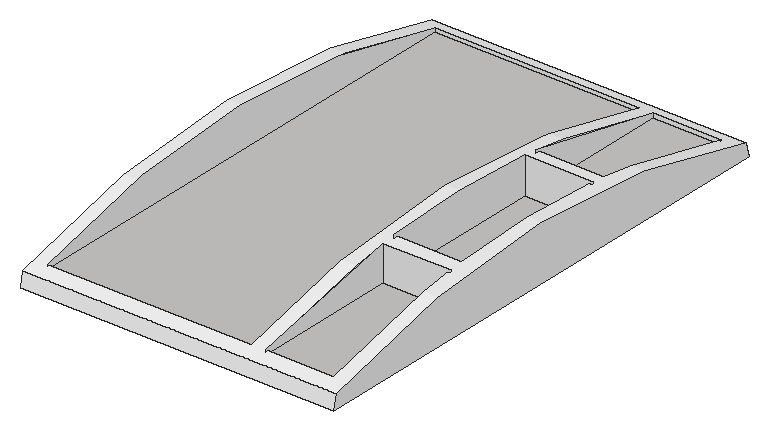
Revit family "Mirror_Utility_Shelf-Whitehall-BestCare_DignitySuite-WHD-MR", category Furniture, host Face, Revit 2018
Family settings
  Host = Face
  OmniClass Number = 23.40.20.27.11
  OmniClass Title = Shelves
  Cut with Voids When Loaded = No
  Shared = Yes
  Room Calculation Point = No
Parameters (values of type "WHD-MR")
  Width = 4"
  Warranty Documentation Link = "https://www.whitehallmfg.com/uploads/docs/WH_Terms_Fixture.pdf"
  URL = "https://www.whitehallmfg.com/home"
  Type Comments = ""
  Product Documentation Link = "https://www.whitehallmfg.com/uploads/fileLibrary/WHD-MR.pdf"
  Price = "Prices may vary. Please consult Manufacturer Representative for most up-to-date price list."  # constant formula
  Model = "WHD-MR"
  Mirror Material = Stainless Steel-Whitehall-High Polish Mirror Finish
  Manufacturer = "Whitehall Mfg."  # constant formula
  Length = 23"
  Installation Type = "Wall Mounted"  # constant formula
  Height = 38"
  Frame Material = Polymer Resin Corterra-Whitehall-Blanco (OCC11)
  Description = "Ligature Resistant mirror and utility shelf"  # constant formula
  Default Elevation = 0"
  Creation Date = "07/22/2021"  # constant formula
  Shelf Backing Material = Stainless Steel-Whitehall-Dignity Blue (EG-30)-Powder Coated
  Assembly Code = "E2010"
  -OCC Optional Corterra Color (Frame) Specify OCC = no
  -MF Mirror Finish (Shelf Backing) = no
  -EG10 Snow White Enviro-glaze color (Shelf Backing) = no
Reference planes (in)
  plane 1 "Center (Front/Back)": y = 0
  plane 2: z = 0
  plane 3 "Center (Left/Right)": x = 0
  plane 4: y = 6
  plane 5: y = -6
  plane 6: y = 7
  plane 7: y = -7
  plane 8: y = 17.75
  plane 9: y = -17.75
  plane 10: y = -18.75
  plane 11: y = -19
  plane 12: y = 19
  plane 13: z = 4
  plane 14: y = 18.75
  plane 15: x = 11.5
  plane 16: x = -11.5
  plane 17: x = 10.5
  plane 18: x = 5.5
  plane 19: x = 4.5
  plane 20: x = -10.5
  plane 21: z = 1
Forms (in)
  Extrusion 1, solid, material "Polymer Resin Corterra-Whitehall-Blanco (OCC11)" <- "Frame Material"
    sketch origin (111.70616, 36.92316, -3.5) x (0, -1, 0) y (0, 0, -1)
      loop
        line (55.92316, -3.5) -> (17.92316, -3.5) -> (18.19111, -4.5)
        arc (18.19111, -4.5) -> (36.92316, -7.5) -> (55.65521, -4.5) r 59.98162
        line (55.65521, -4.5) -> (55.92316, -3.5)
    from -123.20616 to -100.20616
  Extrusion 2, void
    sketch origin (8, 0, -3.5) x (1, 0, 0) y (0, 1, 0)
      loop
        line (-2.5, 17.75) -> (-2.5, 7) -> (2.5, 7) -> (2.5, 17.75) -> (-2.5, 17.75)
      loop
        line (-2.5, 6) -> (-2.5, -6) -> (2.5, -6) -> (2.5, 6) -> (-2.5, 6)
      loop
        line (-2.5, -7) -> (-2.5, -17.75) -> (2.5, -17.75) -> (2.5, -7) -> (-2.5, -7)
      loop
        line (-18.5, 17.75) -> (-18.5, -17.75) -> (-3.5, -17.75) -> (-3.5, 17.75) -> (-18.5, 17.75)
    from 4.5 to 7.5
Cuts and joins
  Extrusion 2 cuts Extrusion 1
Lines and regions (in)
  Split face 1
    outline origin (6.49365, 17.75, 1) x (0, -1, 0) y (1, 0, 0)
      loop
        line (0, -2) -> (35.5, -2)
  Masking region 1
    outline origin (4, 23.531, 6.5) x (0, 0, 1) y (1, 0, 0)
      loop
        line (-6.5, 7.5) -> (-6.5, -15.5) -> (-2.5, -15.5) -> (-2.5, -14.5) -> (-5.18649, -14.5) -> (-5.18649, 0.5) -> (-2.5, 0.5) -> (-2.5, 1.5) -> (-2.80085, 1.5) -> (-2.80085, 6.5) -> (-2.5, 6.5) -> (-2.5, 7.5) -> (-6.5, 7.5)
  symbolic lines, detail levels fine
    curve 1: line (10.5, 23.531, 3.59014) -> (5.5, 23.531, 3.59014)
    curve 2: line (10.5, 23.531, 3.59014) -> (10.5, 23.531, 1.31351)
    curve 3: line (5.5, 23.531, 1.31351) -> (10.5, 23.531, 1.31351)
    curve 4: line (5.5, 23.531, 1.31351) -> (5.5, 23.531, 3.59014)
  symbolic lines, detail levels medium+fine
    curve 5: line (11.5, 23.531, 1) -> (-11.5, 23.531, 1)
Dimensions and locks (in)
  equal spacing: plane 5, plane 1 "Center (Front/Back)", plane 4
  plane 5 to plane 4 = 12"
  equal spacing: plane 11, plane 1 "Center (Front/Back)", plane 12
  "Height": plane 11 to plane 12
  locked: plane 14 to plane 8 at 1
  locked: plane 6 to plane 4 at 1
  locked: plane 7 to plane 5 at 1
  locked: plane 10 to plane 9 at 1
  plane 9 to plane 7 = 10 3/4"
  plane 8 to plane 6 = 10 3/4"
  locked: plane 12 to plane 14 at 0.25
  locked: plane 10 to plane 11 at 0.25
  plane 14 to plane 10 = 37 1/2"
  equal spacing: plane 16, plane 3 "Center (Left/Right)", plane 15
  "Length": plane 16 to plane 15
  plane 16 to plane 20 to plane 19 to plane 18 to plane 17 to plane 15 = 1", 15", 1", 5", 1"
  "Width": plane 13 to host face
  aligned and locked: plane 2 to host face
  aligned and locked: level to host face
  aligned and locked: plane 6 to Extrusion 2 sketch curve
  aligned and locked: plane 7 to Extrusion 2 sketch curve
  aligned and locked: plane 16 to Extrusion 1
  aligned and locked: plane 15 to Extrusion 1
  aligned and locked: plane 17 to Extrusion 2  (x3)
  aligned and locked: Extrusion 2 to plane 18  (x3)
  aligned and locked: Extrusion 2 sketch curve to plane 8
  aligned and locked: plane 20 to Extrusion 2 sketch curve
  aligned and locked: Extrusion 2 sketch curve to plane 9
  aligned and locked: Extrusion 2 sketch curve to plane 19
  aligned and locked: plane 13 to Extrusion 2
  aligned and locked: Extrusion 2 to plane 21
  aligned and locked: curve 1 to cut or joined group of Extrusion 1, Extrusion 2
  aligned and locked: curve 2 to cut or joined group of Extrusion 1, Extrusion 2
  aligned and locked: curve 3 to cut or joined group of Extrusion 1, Extrusion 2
  aligned and locked: cut or joined group of Extrusion 1, Extrusion 2 to curve 4
  aligned and locked: curve 5 to cut or joined group of Extrusion 1, Extrusion 2
Automatic sketch dimensions
  host sketch curve to host sketch curve = 96"  (x2)
  Extrusion 2 sketch curve to plane 18 = 0"  (x3)
  plane 5 to Extrusion 2 sketch curve = 0"
  plane 9 to Extrusion 2 sketch curve = 0"
  Extrusion 2 sketch curve to plane 17 = 0"  (x3)
  Extrusion 2 sketch curve to plane 4 = 0"
  Extrusion 2 sketch curve to plane 8 = 0"
  Extrusion 1 sketch curve to level = 0"
  Extrusion 1 sketch curve to plane 12 = 0"
  Extrusion 1 sketch curve to plane 1 "Center (Front/Back)" = 0"
  Extrusion 1 sketch curve to plane 11 = 0"
  Extrusion 1 sketch curve to plane 14 = 0.01795"
  plane 10 to Extrusion 1 sketch curve = 0.01795"
  level to Extrusion 1 sketch curve = 1"
  Extrusion 1 sketch curve to level = 55.98162"
  Split face 1 sketch curve to cut or joined group of Extrusion 1, Extrusion 2 = 0"  (x2)
  Split face 1 sketch curve to cut or joined group of Extrusion 1, Extrusion 2 = 0.00635"
  Masking region 1 sketch curve to level = 0"
  Masking region 1 sketch curve to plane 19 = 0"
  Masking region 1 sketch curve to plane 20 = 0"
  Masking region 1 sketch curve to plane 17 = 0"
  Masking region 1 sketch curve to plane 18 = 0"
  Masking region 1 sketch curve to plane 13 = 0"  (x3)
  plane 16 to Masking region 1 sketch curve = 0"
  Masking region 1 sketch curve to plane 15 = 0"
  plane 21 to Masking region 1 sketch curve = 0.31351"
  Masking region 1 sketch curve to Masking region 1 sketch curve = 0.30085"
  plane 16 to curve 5 = 0"
  curve 5 to plane 15 = 0"
